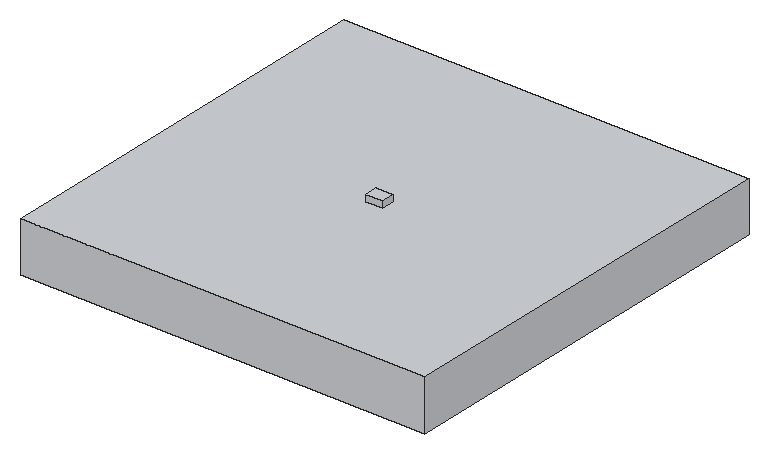
Revit family "M_Alarme", category Dispositivos de comunicação, Revit 2019
Family settings
  Hospedeiro = Face
  Manter orientação da anotação = Sim
  Cota do conector redondo = Utilizar diâmetro
  Tipo de parte = Normal
  Número OmniClass = 23.85.30.14.34
  Título OmniClass = Door Bells, Buzzers
  ID de item do Seek = Buzzer-0000-CAN-ENU
  Corte com vazios quando carregada = Não
  Compartilhado = Não
  Ponto de cálculo do ambiente = Não
Parameters (values of type "Padrão")
  Largura = 102 mm
  Material do alto-falante = none
  Comprimento = 76 mm
  Altura = 38 mm
  Elevação-padrão = 1200 mm
Reference planes
  plane 1 "Centro (Frente/Trás)": y = 0
  plane 2: z = 0
  plane 3 "Centro (Esquerda/Direita)": x = 0
  plane 4: z = 38
  plane 5: x = -51
  plane 6: x = 51
  plane 7: y = -76
Forms (mm)
  Extrusion 1, solid
    sketch origin (0, 0, 0) x (1, 0, 0) y (0, 1, 0)
      loop
        line (-1219.2, 1219.2) -> (-1219.2, -1219.2) -> (1219.2, -1219.2) -> (1219.2, 1219.2) -> (-1219.2, 1219.2)
    from 0 to -304.8
  Extrusion 2, solid, material <- "Material do alto-falante"
    sketch origin (4.851, 0, 0) x (1, 0, 0) y (0, 1, 0)
      loop
        line (-55.851, 0) -> (-55.851, -76) -> (46.149, -76) -> (46.149, 0) -> (-55.851, 0)
    from 0 to 38
Lines and regions (mm)
  symbolic lines, detail levels fine
    curve 1: line (-51, 0, 38) -> (-51, 0, 0)
    curve 2: line (51, 0, 38) -> (-51, 0, 38)
    curve 3: line (51, 0, 0) -> (51, 0, 38)
    curve 4: line (-51, 0, 0) -> (51, 0, 0)
Dimensions and locks
  "Altura": plane 4 to plane 2
  equal spacing: plane 5, plane 3 "Centro (Esquerda/Direita)", plane 6
  "Largura": plane 5 to plane 6
  "Comprimento": plane 7 to plane 1 "Centro (Frente/Trás)"
  aligned and locked: plane 2 to Extrusion 1
  aligned and locked: level to Extrusion 1
  aligned and locked: plane 1 "Centro (Frente/Trás)" to Extrusion 2 sketch curve
  aligned and locked: plane 4 to Extrusion 2
  aligned and locked: Extrusion 2 to plane 5
  aligned and locked: plane 6 to Extrusion 2
  aligned and locked: Extrusion 2 to plane 7
  aligned and locked: curve 1 to Extrusion 2
  aligned and locked: curve 2 to Extrusion 2
  aligned and locked: curve 3 to Extrusion 2
  aligned and locked: curve 4 to Extrusion 2
  aligned and locked: plane 1 "Centro (Frente/Trás)" to nested 1
  aligned and locked: plane 3 "Centro (Esquerda/Direita)" to nested 1
Automatic sketch dimensions
  Extrusion 1 sketch curve to Extrusion 1 sketch curve = 2438.4 mm  (x2)
  Extrusion 2 sketch curve to plane 3 "Centro (Esquerda/Direita)" = 51 mm
  plane 3 "Centro (Esquerda/Direita)" to Extrusion 2 sketch curve = 51 mm
  plane 1 "Centro (Frente/Trás)" to Extrusion 2 sketch curve = 76 mm
Nested families
  nested 1: "M_Anotação do alarme" at (0, 0, 0), type "Anotação da alarme", detail levels coarse+medium
Connectors
  electrical at (0, 0, 19)
    settings: on Extrusion 2, index 1, voltage 0 V, apparent load 0 VA, apparent load phase1 0 VA, apparent load phase2 0 VA, apparent load phase3 0 VA, power factor 1, load classification "Outros", number of poles 1, system type 14, power factor state 1, is connector primary yes, connector utility no, sub classification motor no, connector description ""
Definition of nested family "M_Anotação do alarme"
  Parameters
    Anotação de legenda = ""
  Reference planes
    plane 1: y = 0
    plane 2: x = 0
  Lines and regions (mm)
    reference lines
      curve 1: line (-1.389, 5.783, 0) -> (-1.389, -7.274, 0)
      curve 2: line (1.389, 7.519, 0) -> (1.389, -7.274, 0)
      curve 3: line (-6.856, 2.778, 0) -> (8.926, 2.778, 0)
      curve 4: line (-9.435, 0, 0) -> (9.615, 0, 0)
    detail lines
      curve 5: line (-1.389, 2.778, 0) -> (1.389, 2.778, 0)
      curve 6: line (-1.389, 0, 0) -> (-1.389, 2.778, 0)
      curve 7: line (1.389, 0, 0) -> (-1.389, 0, 0)
      curve 8: line (1.389, 2.778, 0) -> (1.389, 0, 0)
      curve 9: line (-1.389, 2.778, 0) -> (0.572, 4.739, 0)
  Dimensions and locks
    locked: curve 1 to plane 2 at 1.389
    locked: plane 2 to curve 2 at 1.389
    locked: curve 4 to curve 3 at 2.778
    locked: curve 4 to plane 1 at 0
    curve 9 to curve 9 = 2.773 mm
    angle curve 5 to curve 9 = 45.00°
    aligned and locked: curve 3 to curve 5
    aligned and locked: curve 6 to curve 1
    aligned and locked: curve 7 to curve 4
    aligned and locked: curve 2 to curve 8
